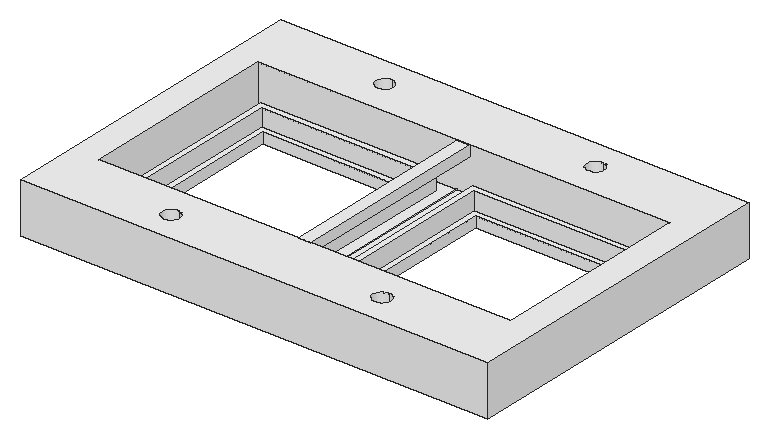
Revit family "Gira_021207", category Electrical Fixtures, host Face, Revit 2017
Family settings
  Host = Face
  Maintain Annotation Orientation = No
  Round Connector Dimension = Use Diameter
  Part Type = Normal
  Cut with Voids When Loaded = No
  Shared = No
  Room Calculation Point = No
Parameters (values of type "Cov.fr. 2-g interm.fr. AN Gira Event p.white m")
  With hinged lid = "No"
  URL = "http://katalog.gira.de/en/datenblatt.html?artikelnr=021207"
  Type of fastening = "Clamp mounting"
  Transparent = "No"
  Surface protection = "Other"
  Surface finishing = "Matt"
  Suitable for wall duct = "No"
  Suitable for flush-mounted installation = "Yes"
  Suitable for floor box = "No"
  Suitable for built-in installation = "No"
  Number of units vertical = "2"
  Number of units horizontal = "2"
  Number of units = "2"
  Name = "Cov.fr. 2-g interm.fr. AN Gira Event p.white m"
  Mounting direction = "Horizontal and vertical"
  Material quality = "Thermoplastic"
  Material = "Plastic"
  Manufacturer URL = "https://www.gira.de/"
  Manufacturer = "Gira"
  Label space/information surface = "No"
  Keynote = ""
  HeinzeBIM = "https://bimportal.heinze.de/bim/cov-fr-2-g-interm-fr-an-gira-event-p-white-m/fb08ee9eda4030a68f28221b3806d470771f889e"
  Halogen free = "Yes"
  HAN = "021207"
  GTIN = "4010337212072"
  Description = "Cov.fr.2g i.fr.AN Event PWm,Gira Event frames,pure white matt with anthracite intermediate frame,2-gang,Features:,- Shatter-proof."
  Degree of protection (IP) = "IP20"
  Default Elevation = 1219.2 mm
  Data sheet (1) = "https://katalog.gira.de/en/download.html?artikelnr=021207"
  Colour = "White"
  Category = "Cover frame for domestic switching devices"
  BIM (1) = "https://media.stage.bim.site/public/gira/36a6b08/TX44_Rahmen_2fach.rfa"
  Available = "No"
Reference planes
  plane 1 "Center (Front/Back)": y = 0
  plane 2: z = 0
  plane 3 "Center (Left/Right)": x = 0
  plane 4: x = 78.75
  plane 5: x = 2
  plane 6: x = -2
Forms (mm)
  Extrusion 1, solid, material "White", detail levels fine
    sketch origin (-35.841, 0, 0) x (0, -1, 0) y (1, 0, 0)
      loop
        line (-54.959, 114.591) -> (-54.959, -42.909) -> (54.959, -42.909) -> (54.959, 114.591) -> (-54.959, 114.591)
      loop
        line (-33.5, -33.5) -> (33.5, -33.5) -> (33.5, 105.183) -> (-33.5, 105.183) -> (-33.5, -33.5)
      loop
        circle (-45, -0.006) r 3
      loop
        circle (44.992, 0.001) r 3
      loop
        circle (-45, 71.094) r 3
      loop
        circle (44.992, 71.101) r 3
    from 0 to 16.9
  Extrusion 2, solid, material "White", detail levels fine
    sketch origin (-35.841, 0, 0) x (0, -1, 0) y (1, 0, 0)
      loop
        line (-25.5, 25.5) -> (-25.5, -25.5) -> (25.5, -25.5) -> (25.5, 25.5) -> (-25.5, 25.5)
      loop
        line (-33.5, 33.5) -> (-33.5, -33.5) -> (33.5, -33.5) -> (33.5, 33.5) -> (-33.5, 33.5)
    from -1.6 to 2
  Extrusion 3, solid, material "White", detail levels fine
    sketch origin (-35.841, 0, 0) x (0, -1, 0) y (1, 0, 0)
      loop
        line (-27.5, 27.5) -> (-27.5, -27.5) -> (27.5, -27.5) -> (27.5, 27.5) -> (-27.5, 27.5)
      loop
        line (-29.5, 29.5) -> (-29.5, -29.5) -> (29.5, -29.5) -> (29.5, 29.5) -> (-29.5, 29.5)
    from 2 to 7.8
  Extrusion 4, solid, material "White", detail levels coarse+medium
    sketch origin (-35.841, 0, 0) x (0, -1, 0) y (1, 0, 0)
      loop
        line (-54.959, 114.591) -> (-54.959, -42.909) -> (54.959, -42.909) -> (54.959, 114.591) -> (-54.959, 114.591)
    from -1.6 to 16.9
  Extrusion 5, solid, material "White", detail levels fine
    sketch origin (35.841, 0, 0) x (0, -1, 0) y (1, 0, 0)
      loop
        line (-25.5, 25.5) -> (-25.5, -25.5) -> (25.5, -25.5) -> (25.5, 25.5) -> (-25.5, 25.5)
      loop
        line (-33.5, 33.5) -> (-33.5, -33.5) -> (33.5, -33.5) -> (33.5, 33.5) -> (-33.5, 33.5)
    from -1.6 to 2
  Extrusion 6, solid, material "White", detail levels fine
    sketch origin (35.841, 0, 0) x (0, -1, 0) y (1, 0, 0)
      loop
        line (-27.5, 27.5) -> (-27.5, -27.5) -> (27.5, -27.5) -> (27.5, 27.5) -> (-27.5, 27.5)
      loop
        line (-29.5, 29.5) -> (-29.5, -29.5) -> (29.5, -29.5) -> (29.5, 29.5) -> (-29.5, 29.5)
    from 2 to 7.8
  Extrusion 7, solid, material "White", detail levels fine
    sketch origin (-35.841, 0, 0) x (0, -1, 0) y (1, 0, 0)
      loop
        line (-33.5, 38.183) -> (-33.5, 33.5) -> (33.5, 33.5) -> (33.5, 38.183) -> (-33.5, 38.183)
    from 0 to 2
  Extrusion 8, solid, material "White", detail levels fine
    sketch origin (-35.841, 0, 0) x (0, -1, 0) y (1, 0, 0)
      loop
        line (-33.5, 37.841) -> (-33.5, 33.841) -> (33.5, 33.841) -> (33.5, 37.841) -> (-33.5, 37.841)
    from 13.4 to 16.9
Dimensions and locks
  aligned and locked: plane 2 to host face
  aligned and locked: level to host face
